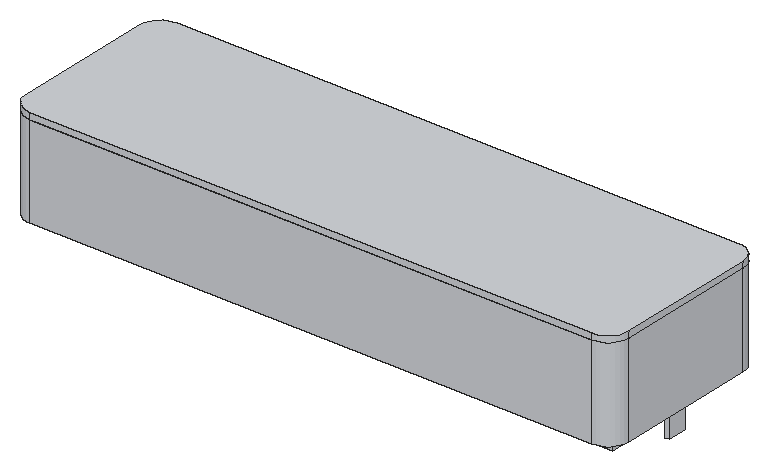
Revit family "Gira_289400", category Electrical Fixtures, host Face, Revit 2017
Family settings
  Host = Face
  Maintain Annotation Orientation = No
  Round Connector Dimension = Use Diameter
  Part Type = Normal
  Cut with Voids When Loaded = No
  Shared = No
  Room Calculation Point = No
Parameters (values of type "FM install.box 4-g Gira E22")
  URL = "http://katalog.gira.de/en/datenblatt.html?artikelnr=289400"
  Name = "FM install.box 4-g Gira E22"
  Manufacturer URL = "https://www.gira.de/"
  Manufacturer = "Gira"
  Keynote = ""
  HeinzeBIM = "https://bimportal.heinze.de/bim/fm-install-box-4-g-gira-e22/2cae14348bbae53c51e4b71b89382af03e2e8d2a"
  HAN = "289400"
  GTIN = "4010337049814"
  Description = "FM inst.box 4g E22,Gira E2, Gira E22 flush-mounted installation box,,4-gang,Features:,- Installation in brickwork by mounting the installation box, e.g. securing it with plaster. Installation of the device box in the flush-mounted installation box like in a common cavity box."
  Default Elevation = 1219.2 mm
  Data sheet (1) = "https://katalog.gira.de/en/download.html?artikelnr=289400"
  Category = "Spare part for domestic switching devices"
  BIM (1) = "https://media.stage.bim.site/public/gira/36a6b08/UP-EB-Dose_4fach.rfa"
  Available = "No"
Reference planes
  plane 1 "Center (Front/Back)": y = 0
  plane 2: z = 0
  plane 3 "Center (Left/Right)": x = 0
Forms (mm)
  Extrusion 1, solid, detail levels fine
    sketch origin (0, 0, 0) x (1, 0, 0) y (0, 1, 0)
      loop
        arc (-142, 46.25) -> (-149.248, 43.248) -> (-152.25, 36) r 10.25
        line (-152.25, 36) -> (-152.25, -36)
        arc (-152.25, -36) -> (-149.248, -43.248) -> (-142, -46.25) r 10.25
        line (-142, -46.25) -> (142, -46.25)
        arc (142, -46.25) -> (149.248, -43.248) -> (152.25, -36) r 10.25
        line (152.25, -36) -> (152.25, 36)
        arc (152.25, 36) -> (149.248, 43.248) -> (142, 46.25) r 10.25
        line (142, 46.25) -> (-142, 46.25)
    from 47 to 50
  Extrusion 2, solid, detail levels fine
    sketch origin (0, 0, 0) x (1, 0, 0) y (0, 1, 0)
      loop
        arc (-142, 46.25) -> (-149.248, 43.248) -> (-152.25, 36) r 10.25
        line (-152.25, 36) -> (-152.25, -36)
        arc (-152.25, -36) -> (-149.248, -43.248) -> (-142, -46.25) r 10.25
        line (-142, -46.25) -> (142, -46.25)
        arc (142, -46.25) -> (149.248, -43.248) -> (152.25, -36) r 10.25
        line (152.25, -36) -> (152.25, 36)
        arc (152.25, 36) -> (149.248, 43.248) -> (142, 46.25) r 10.25
        line (142, 46.25) -> (-142, 46.25)
      loop
        arc (-150.75, -36) -> (-149.959, -39.636) -> (-147.727, -42.615) r 8.75
        line (-147.727, -42.615) -> (147.727, -42.615)
        arc (147.727, -42.615) -> (149.959, -39.636) -> (150.75, -36) r 8.75
        line (150.75, -36) -> (150.75, 36)
        arc (150.75, 36) -> (149.959, 39.636) -> (147.727, 42.615) r 8.75
        line (147.727, 42.615) -> (-147.727, 42.615)
        arc (-147.727, 42.615) -> (-149.959, 39.636) -> (-150.75, 36) r 8.75
        line (-150.75, 36) -> (-150.75, -36)
    from 0 to 47
  Extrusion 3, solid, detail levels fine
    sketch origin (0, 0, 0) x (1, 0, 0) y (0, 1, 0)
      loop
        line (-147, -39.766) -> (147, -39.766) -> (147, 39.75) -> (-147, 39.75) -> (-147, -39.766)
      loop
        line (144.5, -37.75) -> (144.5, 37.75) -> (-144.5, 37.75) -> (-144.5, -37.75) -> (144.5, -37.75)
    from -4.1 to 0
  Extrusion 4, solid, detail levels fine
    sketch origin (0, 0, 0) x (1, 0, 0) y (0, 1, 0)
      loop
        line (147, 39.75) -> (-147, 39.75) -> (-147, -39.766) -> (147, -39.766) -> (147, 39.75)
      loop
        arc (147.727, -42.615) -> (149.959, -39.636) -> (150.75, -36) r 8.75
        line (150.75, -36) -> (150.75, 36)
        arc (150.75, 36) -> (149.959, 39.636) -> (147.727, 42.615) r 8.75
        line (147.727, 42.615) -> (-147.727, 42.615)
        arc (-147.727, 42.615) -> (-149.959, 39.636) -> (-150.75, 36) r 8.75
        line (-150.75, 36) -> (-150.75, -36)
        arc (-150.75, -36) -> (-149.959, -39.636) -> (-147.727, -42.615) r 8.75
        line (-147.727, -42.615) -> (147.727, -42.615)
    from 0 to 2
  Extrusion 5, solid, detail levels medium+fine
    sketch origin (0, 0, 0) x (1, 0, 0) y (0, 1, 0)
      loop
        line (145.5, -4.939) -> (148, -4.939) -> (148, 4.939) -> (145.5, 4.939) -> (145.5, -4.939)
      loop
        line (-145.5, -4.939) -> (-145.5, 4.939) -> (-148, 4.939) -> (-148, -4.939) -> (-145.5, -4.939)
    from -14.039 to 0
  Extrusion 6, solid, detail levels medium
    sketch origin (0, 0, 0) x (1, 0, 0) y (0, 1, 0)
      loop
        line (-152.25, 46.25) -> (-152.25, -46.25) -> (152.25, -46.25) -> (152.25, 46.25) -> (-152.25, 46.25)
    from 0 to 50
  Extrusion 7, solid, detail levels medium
    sketch origin (0, 0, 0) x (1, 0, 0) y (0, 1, 0)
      loop
        line (-147, -39.766) -> (147, -39.766) -> (147, 39.75) -> (-147, 39.75) -> (-147, -39.766)
    from -4.1 to 0
  Extrusion 8, solid, detail levels coarse
    sketch origin (0, 0, 0) x (1, 0, 0) y (0, 1, 0)
      loop
        line (-152.25, 46.25) -> (-152.25, -46.25) -> (152.25, -46.25) -> (152.25, 46.25) -> (-152.25, 46.25)
    from -14.039 to 50
Dimensions and locks
  aligned and locked: plane 2 to host face
  aligned and locked: level to host face
